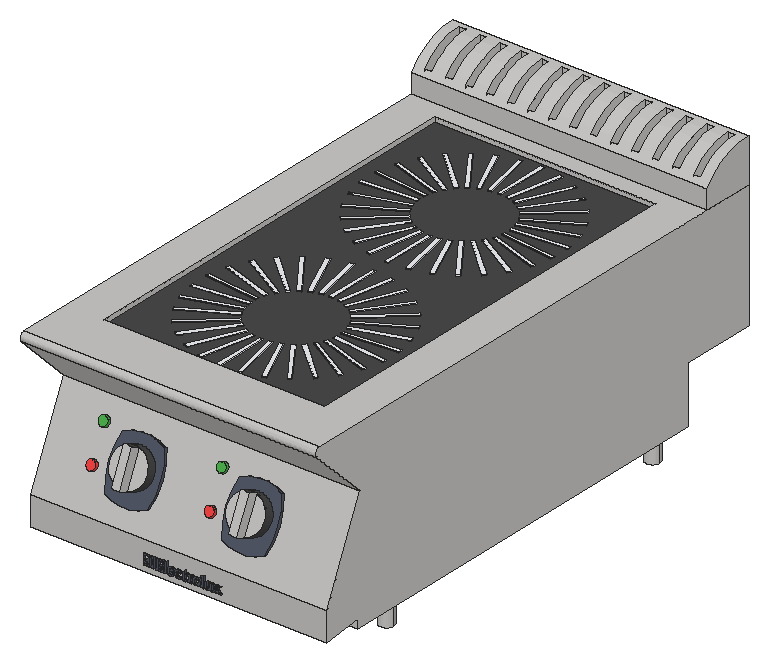
Revit family "QF_ELECTROLUXPROFESSIONAL_371020_E7INED2000", category Specialty Equipment, Revit 2018 (continued)
Lines and regions (mm)
  symbolic lines
    curve 242: line (315.455, -451.829, 266.887) -> (312.955, -447.499, 266.887)
    curve 243: line (296.465, -425.488, 266.887) -> (241.922, -474.6, 266.887)
    curve 244: line (241.922, -474.6, 266.887) -> (245.267, -478.316, 266.887)
    curve 245: line (245.267, -478.316, 266.887) -> (299.811, -429.204, 266.887)
    curve 246: line (299.811, -429.204, 266.887) -> (296.465, -425.488, 266.887)
    curve 247: line (275.76, -407.387, 266.887) -> (232.619, -466.765, 266.887)
    curve 248: line (232.619, -466.765, 266.887) -> (236.664, -469.704, 266.887)
    curve 249: line (236.664, -469.704, 266.887) -> (279.805, -410.326, 266.887)
    curve 250: line (279.805, -410.326, 266.887) -> (275.76, -407.387, 266.887)
    curve 251: line (251.743, -393.986, 266.887) -> (221.891, -461.036, 266.887)
    curve 252: line (221.891, -461.036, 266.887) -> (226.458, -463.07, 266.887)
    curve 253: line (226.458, -463.07, 266.887) -> (256.311, -396.019, 266.887)
    curve 254: line (256.311, -396.019, 266.887) -> (251.743, -393.986, 266.887)
    curve 255: line (225.465, -385.871, 266.887) -> (210.206, -457.663, 266.887)
    curve 256: line (210.206, -457.663, 266.887) -> (215.096, -458.702, 266.887)
    curve 257: line (215.096, -458.702, 266.887) -> (230.356, -386.91, 266.887)
    curve 258: line (230.356, -386.91, 266.887) -> (225.465, -385.871, 266.887)
    curve 259: line (198.074, -383.397, 266.887) -> (198.074, -456.792, 266.887)
    curve 260: line (198.074, -456.792, 266.887) -> (203.074, -456.792, 266.887)
    curve 261: line (203.074, -456.792, 266.887) -> (203.074, -383.397, 266.887)
    curve 262: line (203.074, -383.397, 266.887) -> (198.074, -383.397, 266.887)
    curve 263: line (170.768, -386.671, 266.887) -> (186.028, -458.463, 266.887)
    curve 264: line (186.028, -458.463, 266.887) -> (190.918, -457.424, 266.887)
    curve 265: line (190.918, -457.424, 266.887) -> (175.658, -385.632, 266.887)
    curve 266: line (175.658, -385.632, 266.887) -> (170.768, -386.671, 266.887)
    curve 267: line (144.738, -395.552, 266.887) -> (174.591, -462.602, 266.887)
    curve 268: line (174.591, -462.602, 266.887) -> (179.159, -460.569, 266.887)
    curve 269: line (179.159, -460.569, 266.887) -> (149.306, -393.518, 266.887)
    curve 270: line (149.306, -393.518, 266.887) -> (144.738, -395.552, 266.887)
    curve 271: line (121.124, -409.65, 266.887) -> (164.265, -469.029, 266.887)
    curve 272: line (164.265, -469.029, 266.887) -> (168.311, -466.09, 266.887)
    curve 273: line (168.311, -466.09, 266.887) -> (125.17, -406.711, 266.887)
    curve 274: line (125.17, -406.711, 266.887) -> (121.124, -409.65, 266.887)
    curve 275: line (100.958, -428.35, 266.887) -> (155.501, -477.462, 266.887)
    curve 276: line (155.501, -477.462, 266.887) -> (158.847, -473.746, 266.887)
    curve 277: line (158.847, -473.746, 266.887) -> (104.303, -424.635, 266.887)
    curve 278: line (104.303, -424.635, 266.887) -> (100.958, -428.35, 266.887)
    curve 279: line (85.12, -450.834, 266.887) -> (148.682, -487.532, 266.887)
    curve 280: line (148.682, -487.532, 266.887) -> (151.182, -483.202, 266.887)
    curve 281: line (151.182, -483.202, 266.887) -> (87.62, -446.504, 266.887)
    curve 282: line (87.62, -446.504, 266.887) -> (85.12, -450.834, 266.887)
    curve 283: line (74.302, -476.12, 266.887) -> (144.106, -498.801, 266.887)
    curve 284: line (144.106, -498.801, 266.887) -> (145.651, -494.046, 266.887)
    curve 285: line (145.651, -494.046, 266.887) -> (75.847, -471.365, 266.887)
    curve 286: line (75.847, -471.365, 266.887) -> (74.302, -476.12, 266.887)
    curve 287: line (68.979, -503.103, 266.887) -> (141.972, -510.775, 266.887)
    curve 288: line (141.972, -510.775, 266.887) -> (142.495, -505.802, 266.887)
    curve 289: line (142.495, -505.802, 266.887) -> (69.501, -498.13, 266.887)
    curve 290: line (69.501, -498.13, 266.887) -> (68.979, -503.103, 266.887)
    curve 291: line (69.381, -530.602, 266.887) -> (142.375, -522.93, 266.887)
    curve 292: line (142.375, -522.93, 266.887) -> (141.852, -517.958, 266.887)
    curve 293: line (141.852, -517.958, 266.887) -> (68.858, -525.629, 266.887)
    curve 294: line (68.858, -525.629, 266.887) -> (69.381, -530.602, 266.887)
    curve 295: line (75.492, -557.417, 266.887) -> (145.296, -534.736, 266.887)
    curve 296: line (145.296, -534.736, 266.887) -> (143.751, -529.981, 266.887)
    curve 297: line (143.751, -529.981, 266.887) -> (73.947, -552.662, 266.887)
    curve 298: line (73.947, -552.662, 266.887) -> (75.492, -557.417, 266.887)
    curve 299: line (87.045, -582.375, 266.887) -> (150.608, -545.677, 266.887)
    curve 300: line (150.608, -545.677, 266.887) -> (148.108, -541.347, 266.887)
    curve 301: line (148.108, -541.347, 266.887) -> (84.545, -578.045, 266.887)
    curve 302: line (84.545, -578.045, 266.887) -> (87.045, -582.375, 266.887)
    curve 303: line (103.535, -604.386, 266.887) -> (158.078, -555.275, 266.887)
    curve 304: line (158.078, -555.275, 266.887) -> (154.733, -551.559, 266.887)
    curve 305: line (154.733, -551.559, 266.887) -> (100.189, -600.671, 266.887)
    curve 306: line (100.189, -600.671, 266.887) -> (103.535, -604.386, 266.887)
    curve 307: line (124.24, -622.488, 266.887) -> (167.381, -563.109, 266.887)
    curve 308: line (167.381, -563.109, 266.887) -> (163.336, -560.17, 266.887)
    curve 309: line (163.336, -560.17, 266.887) -> (120.195, -619.549, 266.887)
    curve 310: line (120.195, -619.549, 266.887) -> (124.24, -622.488, 266.887)
    curve 311: line (148.257, -635.889, 266.887) -> (178.109, -568.839, 266.887)
    curve 312: line (178.109, -568.839, 266.887) -> (173.542, -566.805, 266.887)
    curve 313: line (173.542, -566.805, 266.887) -> (143.689, -633.855, 266.887)
    curve 314: line (143.689, -633.855, 266.887) -> (148.257, -635.889, 266.887)
Dimensions and locks
  equal spacing: plane 3 "LEFT", plane 7 "Center Y", plane 4 "RIGHT"
  "Width": plane 3 "LEFT" to plane 4 "RIGHT"
  equal spacing: plane 5 "FRONT", plane 8 "Center X", plane 1 "BACK"
  "Depth": plane 5 "FRONT" to plane 1 "BACK"
  "Height": plane 6 "TOP" to level
  "Base Height": plane 9 "BASE" to level
  plane 1 "BACK" to plane 5 "FRONT" = 730 mm
  plane 10 "TOP A" to plane 9 "BASE" = 249.237 mm
  aligned and locked: level to plane 2
  aligned and locked: plane 4 "RIGHT" to Extrusion 1
  aligned and locked: plane 4 "RIGHT" to Extrusion 2
  aligned and locked: plane 9 "BASE" to Extrusion 18
  aligned and locked: plane 6 "TOP" to Extrusion 25
Automatic sketch dimensions
  Extrusion 27 sketch curve to Extrusion 27 sketch curve = 5 mm
  Extrusion 27 sketch curve to Extrusion 27 sketch curve = 73.396 mm
  Extrusion 28 sketch curve to Extrusion 28 sketch curve = 5 mm
  Extrusion 28 sketch curve to Extrusion 28 sketch curve = 73.396 mm
  Extrusion 29 sketch curve to Extrusion 29 sketch curve = 5 mm
  Extrusion 29 sketch curve to Extrusion 29 sketch curve = 73.396 mm
  Extrusion 30 sketch curve to Extrusion 30 sketch curve = 5 mm
  Extrusion 30 sketch curve to Extrusion 30 sketch curve = 73.396 mm
  Extrusion 31 sketch curve to Extrusion 31 sketch curve = 5 mm
  Extrusion 31 sketch curve to Extrusion 31 sketch curve = 73.396 mm
  Extrusion 32 sketch curve to Extrusion 32 sketch curve = 5 mm
  Extrusion 32 sketch curve to Extrusion 32 sketch curve = 73.396 mm
  Extrusion 33 sketch curve to Extrusion 33 sketch curve = 5 mm
  Extrusion 33 sketch curve to Extrusion 33 sketch curve = 73.396 mm
  Extrusion 34 sketch curve to Extrusion 34 sketch curve = 5 mm
  Extrusion 34 sketch curve to Extrusion 34 sketch curve = 73.396 mm
  Extrusion 35 sketch curve to Extrusion 35 sketch curve = 5 mm
  Extrusion 35 sketch curve to Extrusion 35 sketch curve = 73.396 mm
  Extrusion 36 sketch curve to Extrusion 36 sketch curve = 5 mm
  Extrusion 36 sketch curve to Extrusion 36 sketch curve = 73.396 mm
  Extrusion 37 sketch curve to Extrusion 37 sketch curve = 5 mm
  Extrusion 37 sketch curve to Extrusion 37 sketch curve = 73.396 mm
  Extrusion 38 sketch curve to Extrusion 38 sketch curve = 5 mm
  Extrusion 38 sketch curve to Extrusion 38 sketch curve = 73.396 mm
  Extrusion 39 sketch curve to Extrusion 39 sketch curve = 5 mm
  Extrusion 39 sketch curve to Extrusion 39 sketch curve = 73.396 mm
  Extrusion 40 sketch curve to Extrusion 40 sketch curve = 5 mm
  Extrusion 40 sketch curve to Extrusion 40 sketch curve = 73.396 mm
  Extrusion 41 sketch curve to Extrusion 41 sketch curve = 5 mm
  Extrusion 41 sketch curve to Extrusion 41 sketch curve = 73.396 mm
  Extrusion 42 sketch curve to Extrusion 42 sketch curve = 5 mm
  Extrusion 42 sketch curve to Extrusion 42 sketch curve = 73.396 mm
  Extrusion 43 sketch curve to Extrusion 43 sketch curve = 5 mm
  Extrusion 43 sketch curve to Extrusion 43 sketch curve = 73.396 mm
  Extrusion 44 sketch curve to Extrusion 44 sketch curve = 5 mm
  Extrusion 44 sketch curve to Extrusion 44 sketch curve = 73.396 mm
  Extrusion 45 sketch curve to Extrusion 45 sketch curve = 5 mm
  Extrusion 45 sketch curve to Extrusion 45 sketch curve = 73.396 mm
  Extrusion 46 sketch curve to Extrusion 46 sketch curve = 5 mm
  Extrusion 46 sketch curve to Extrusion 46 sketch curve = 73.396 mm
  Extrusion 47 sketch curve to Extrusion 47 sketch curve = 5 mm
  Extrusion 47 sketch curve to Extrusion 47 sketch curve = 73.396 mm
  Extrusion 48 sketch curve to Extrusion 48 sketch curve = 5 mm
  Extrusion 48 sketch curve to Extrusion 48 sketch curve = 73.396 mm
  Extrusion 49 sketch curve to Extrusion 49 sketch curve = 5 mm
  Extrusion 49 sketch curve to Extrusion 49 sketch curve = 73.396 mm
  Extrusion 50 sketch curve to Extrusion 50 sketch curve = 5 mm
  Extrusion 50 sketch curve to Extrusion 50 sketch curve = 73.396 mm
  Extrusion 51 sketch curve to Extrusion 51 sketch curve = 5 mm
  Extrusion 51 sketch curve to Extrusion 51 sketch curve = 73.396 mm
  Extrusion 52 sketch curve to Extrusion 52 sketch curve = 5 mm
  Extrusion 52 sketch curve to Extrusion 52 sketch curve = 73.396 mm
  Extrusion 53 sketch curve to Extrusion 53 sketch curve = 5 mm
  Extrusion 53 sketch curve to Extrusion 53 sketch curve = 73.396 mm
  Extrusion 54 sketch curve to Extrusion 54 sketch curve = 5 mm
  Extrusion 54 sketch curve to Extrusion 54 sketch curve = 73.396 mm
  Extrusion 55 sketch curve to Extrusion 55 sketch curve = 5 mm
  Extrusion 55 sketch curve to Extrusion 55 sketch curve = 73.396 mm
  Extrusion 56 sketch curve to Extrusion 56 sketch curve = 5 mm
  Extrusion 56 sketch curve to Extrusion 56 sketch curve = 73.396 mm
  Extrusion 57 sketch curve to Extrusion 57 sketch curve = 5 mm
  Extrusion 57 sketch curve to Extrusion 57 sketch curve = 73.396 mm
  Extrusion 58 sketch curve to Extrusion 58 sketch curve = 5 mm
  Extrusion 58 sketch curve to Extrusion 58 sketch curve = 73.396 mm
  Extrusion 59 sketch curve to Extrusion 59 sketch curve = 5 mm
  Extrusion 59 sketch curve to Extrusion 59 sketch curve = 73.396 mm
  Extrusion 60 sketch curve to Extrusion 60 sketch curve = 5 mm
  Extrusion 60 sketch curve to Extrusion 60 sketch curve = 73.396 mm
  Extrusion 61 sketch curve to Extrusion 61 sketch curve = 5 mm
  Extrusion 61 sketch curve to Extrusion 61 sketch curve = 73.396 mm
  Extrusion 62 sketch curve to Extrusion 62 sketch curve = 5 mm
  Extrusion 62 sketch curve to Extrusion 62 sketch curve = 73.396 mm
  Extrusion 63 sketch curve to Extrusion 63 sketch curve = 5 mm
  Extrusion 63 sketch curve to Extrusion 63 sketch curve = 73.396 mm
  Extrusion 64 sketch curve to Extrusion 64 sketch curve = 5 mm
  Extrusion 64 sketch curve to Extrusion 64 sketch curve = 73.396 mm
  Extrusion 65 sketch curve to Extrusion 65 sketch curve = 5 mm
  Extrusion 65 sketch curve to Extrusion 65 sketch curve = 73.396 mm
  Extrusion 66 sketch curve to Extrusion 66 sketch curve = 5 mm
  Extrusion 66 sketch curve to Extrusion 66 sketch curve = 73.396 mm
  Extrusion 67 sketch curve to Extrusion 67 sketch curve = 5 mm
  Extrusion 67 sketch curve to Extrusion 67 sketch curve = 73.396 mm
  Extrusion 68 sketch curve to Extrusion 68 sketch curve = 5 mm
  Extrusion 68 sketch curve to Extrusion 68 sketch curve = 73.396 mm
  Extrusion 69 sketch curve to Extrusion 69 sketch curve = 5 mm
  Extrusion 69 sketch curve to Extrusion 69 sketch curve = 73.396 mm
  Extrusion 70 sketch curve to Extrusion 70 sketch curve = 5 mm
  Extrusion 70 sketch curve to Extrusion 70 sketch curve = 73.396 mm
  Extrusion 71 sketch curve to Extrusion 71 sketch curve = 5 mm
  Extrusion 71 sketch curve to Extrusion 71 sketch curve = 73.396 mm
  Extrusion 72 sketch curve to Extrusion 72 sketch curve = 5 mm
  Extrusion 72 sketch curve to Extrusion 72 sketch curve = 73.396 mm
  Extrusion 73 sketch curve to Extrusion 73 sketch curve = 5 mm
  Extrusion 73 sketch curve to Extrusion 73 sketch curve = 73.396 mm
  Extrusion 74 sketch curve to Extrusion 74 sketch curve = 5 mm
  Extrusion 74 sketch curve to Extrusion 74 sketch curve = 73.396 mm
  Extrusion 75 sketch curve to Extrusion 75 sketch curve = 5 mm
  Extrusion 75 sketch curve to Extrusion 75 sketch curve = 73.396 mm
  Extrusion 76 sketch curve to Extrusion 76 sketch curve = 5 mm
  Extrusion 76 sketch curve to Extrusion 76 sketch curve = 73.396 mm
  Extrusion 77 sketch curve to Extrusion 77 sketch curve = 5 mm
  Extrusion 77 sketch curve to Extrusion 77 sketch curve = 73.396 mm
  Extrusion 78 sketch curve to Extrusion 78 sketch curve = 5 mm
  Extrusion 78 sketch curve to Extrusion 78 sketch curve = 73.396 mm
  Extrusion 79 sketch curve to Extrusion 79 sketch curve = 5 mm
  Extrusion 79 sketch curve to Extrusion 79 sketch curve = 73.396 mm
  Extrusion 80 sketch curve to Extrusion 80 sketch curve = 5 mm
  Extrusion 80 sketch curve to Extrusion 80 sketch curve = 73.396 mm
  Extrusion 81 sketch curve to Extrusion 81 sketch curve = 5 mm
  Extrusion 81 sketch curve to Extrusion 81 sketch curve = 73.396 mm
  Extrusion 82 sketch curve to Extrusion 82 sketch curve = 5 mm
  Extrusion 82 sketch curve to Extrusion 82 sketch curve = 73.396 mm
  Extrusion 83 sketch curve to Extrusion 83 sketch curve = 5 mm
  Extrusion 83 sketch curve to Extrusion 83 sketch curve = 73.396 mm
  Extrusion 84 sketch curve to Extrusion 84 sketch curve = 5 mm
  Extrusion 84 sketch curve to Extrusion 84 sketch curve = 73.396 mm
  Extrusion 85 sketch curve to Extrusion 85 sketch curve = 5 mm
  Extrusion 85 sketch curve to Extrusion 85 sketch curve = 73.396 mm
  Extrusion 86 sketch curve to Extrusion 86 sketch curve = 5 mm
  Extrusion 86 sketch curve to Extrusion 86 sketch curve = 73.396 mm
  Extrusion 1 sketch curve to plane 10 "TOP A" = 0 mm
  Extrusion 1 sketch curve to plane 9 "BASE" = 0 mm
  Extrusion 1 sketch curve to plane 1 "BACK" = 0 mm
  Extrusion 1 sketch curve to plane 12 = 46.038 mm
  plane 11 to Extrusion 1 sketch curve = 59.531 mm
  plane 9 "BASE" to Extrusion 1 sketch curve = 12.7 mm
  plane 11 to Extrusion 1 sketch curve = 62.516 mm
  Extrusion 1 sketch curve to plane 5 "FRONT" = 16.478 mm
  Extrusion 1 sketch curve to plane 5 "FRONT" = 4.973 mm
  Extrusion 1 sketch curve to plane 5 "FRONT" = 0.483 mm
  plane 9 "BASE" to Extrusion 1 sketch curve = 7.09 mm
  Extrusion 1 sketch curve to Extrusion 1 sketch curve = 38.1 mm
  plane 9 "BASE" to Extrusion 1 sketch curve = 77.788 mm
  Extrusion 1 sketch curve to plane 10 "TOP A" = 83.191 mm
  Extrusion 1 sketch curve to plane 10 "TOP A" = 10.84 mm
  Extrusion 2 sketch curve to plane 10 "TOP A" = 0 mm
  Extrusion 2 sketch curve to plane 1 "BACK" = 0 mm
  Extrusion 2 sketch curve to plane 6 "TOP" = 0 mm
  plane 1 "BACK" to Extrusion 2 sketch curve = 1.769 mm
  plane 10 "TOP A" to Extrusion 2 sketch curve = 25.4 mm
  plane 1 "BACK" to Extrusion 2 sketch curve = 69.85 mm
  Extrusion 3 sketch curve to plane 4 "RIGHT" = 50 mm
  plane 3 "LEFT" to Extrusion 3 sketch curve = 50 mm
  Extrusion 3 sketch curve to plane 12 = 54.376 mm
  plane 11 to Extrusion 3 sketch curve = 55.377 mm
  plane 1 "BACK" to Extrusion 4 sketch curve = 6.761 mm
  plane 3 "LEFT" to Extrusion 4 sketch curve = 22.749 mm
  Extrusion 4 sketch curve to Extrusion 4 sketch curve = 9.296 mm
  Extrusion 4 sketch curve to Extrusion 4 sketch curve = 57.15 mm
  Extrusion 5 sketch curve to plane 1 "BACK" = 6.761 mm
  plane 4 "RIGHT" to Extrusion 5 sketch curve = 22.749 mm
  Extrusion 5 sketch curve to Extrusion 5 sketch curve = 9.296 mm
  Extrusion 5 sketch curve to Extrusion 5 sketch curve = 57.15 mm
  plane 1 "BACK" to Extrusion 6 sketch curve = 6.761 mm
  plane 3 "LEFT" to Extrusion 6 sketch curve = 50.737 mm
  Extrusion 6 sketch curve to Extrusion 6 sketch curve = 9.296 mm
  Extrusion 6 sketch curve to Extrusion 6 sketch curve = 57.15 mm
  plane 1 "BACK" to Extrusion 7 sketch curve = 6.761 mm
  plane 3 "LEFT" to Extrusion 7 sketch curve = 78.725 mm
  Extrusion 7 sketch curve to Extrusion 7 sketch curve = 9.296 mm
  Extrusion 7 sketch curve to Extrusion 7 sketch curve = 57.15 mm
  plane 1 "BACK" to Extrusion 8 sketch curve = 6.761 mm
  Extrusion 8 sketch curve to plane 7 "Center Y" = 93.311 mm
  Extrusion 8 sketch curve to Extrusion 8 sketch curve = 9.296 mm
  Extrusion 8 sketch curve to Extrusion 8 sketch curve = 57.15 mm
  plane 1 "BACK" to Extrusion 9 sketch curve = 6.761 mm
  Extrusion 9 sketch curve to plane 7 "Center Y" = 65.323 mm
  Extrusion 9 sketch curve to Extrusion 9 sketch curve = 9.296 mm
  Extrusion 9 sketch curve to Extrusion 9 sketch curve = 57.15 mm
  plane 1 "BACK" to Extrusion 10 sketch curve = 6.761 mm
  Extrusion 10 sketch curve to plane 7 "Center Y" = 37.335 mm
  Extrusion 10 sketch curve to Extrusion 10 sketch curve = 9.296 mm
  Extrusion 10 sketch curve to Extrusion 10 sketch curve = 57.15 mm
  Extrusion 11 sketch curve to plane 7 "Center Y" = 9.346 mm
  Extrusion 11 sketch curve to Extrusion 11 sketch curve = 9.296 mm
  plane 1 "BACK" to Extrusion 11 sketch curve = 6.761 mm
  Extrusion 11 sketch curve to Extrusion 11 sketch curve = 57.15 mm
  plane 1 "BACK" to Extrusion 12 sketch curve = 6.761 mm
  plane 7 "Center Y" to Extrusion 12 sketch curve = 18.642 mm
  Extrusion 12 sketch curve to Extrusion 12 sketch curve = 9.296 mm
  Extrusion 12 sketch curve to Extrusion 12 sketch curve = 57.15 mm
  plane 1 "BACK" to Extrusion 13 sketch curve = 6.761 mm
  plane 7 "Center Y" to Extrusion 13 sketch curve = 46.63 mm
  Extrusion 13 sketch curve to Extrusion 13 sketch curve = 9.296 mm
  Extrusion 13 sketch curve to Extrusion 13 sketch curve = 57.15 mm
  plane 1 "BACK" to Extrusion 14 sketch curve = 6.761 mm
  plane 7 "Center Y" to Extrusion 14 sketch curve = 74.619 mm
  Extrusion 14 sketch curve to Extrusion 14 sketch curve = 9.296 mm
  Extrusion 14 sketch curve to Extrusion 14 sketch curve = 57.15 mm
  plane 1 "BACK" to Extrusion 15 sketch curve = 6.761 mm
  Extrusion 15 sketch curve to plane 4 "RIGHT" = 97.418 mm
  Extrusion 15 sketch curve to Extrusion 15 sketch curve = 9.296 mm
  Extrusion 15 sketch curve to Extrusion 15 sketch curve = 57.15 mm
  plane 1 "BACK" to Extrusion 16 sketch curve = 6.761 mm
  Extrusion 16 sketch curve to plane 4 "RIGHT" = 69.43 mm
  Extrusion 16 sketch curve to Extrusion 16 sketch curve = 9.296 mm
  Extrusion 16 sketch curve to Extrusion 16 sketch curve = 57.15 mm
  plane 1 "BACK" to Extrusion 17 sketch curve = 6.761 mm
  Extrusion 17 sketch curve to plane 4 "RIGHT" = 41.441 mm
  Extrusion 17 sketch curve to Extrusion 17 sketch curve = 9.296 mm
  Extrusion 17 sketch curve to Extrusion 17 sketch curve = 57.15 mm
  plane 11 to Extrusion 18 sketch curve = 0 mm  (x2)
  plane 12 to Extrusion 18 sketch curve = 0 mm  (x2)
  plane 3 "LEFT" to Extrusion 18 sketch curve = 11.112 mm  (x2)
  Extrusion 18 sketch curve to plane 4 "RIGHT" = 11.113 mm  (x2)
  Extrusion 19 sketch curve to Extrusion 1 = 31.333 mm  (x2)
  Extrusion 19 sketch curve to Extrusion 19 sketch curve = 12.3 mm  (x3)
  Extrusion 19 sketch curve to Extrusion 19 sketch curve = 34.925 mm  (x2)
  Extrusion 1 to Extrusion 19 sketch curve = 44.467 mm
  Extrusion 1 to Extrusion 19 sketch curve = 175.117 mm
  Extrusion 19 sketch curve to Extrusion 19 sketch curve = 25.727 mm
  Extrusion 19 sketch curve to Extrusion 19 sketch curve = 25.771 mm
  Extrusion 19 sketch curve to Extrusion 19 sketch curve = 28.531 mm
  Extrusion 21 sketch curve to Extrusion 21 sketch curve = 24.732 mm
  Extrusion 21 sketch curve to Extrusion 21 sketch curve = 0 mm
  Extrusion 1 to Extrusion 22 sketch curve = 29.678 mm
  Extrusion 1 to Extrusion 22 sketch curve = 65.648 mm
  Extrusion 23 sketch curve to Extrusion 1 = 54.522 mm
  Extrusion 1 to Extrusion 23 sketch curve = 65.648 mm
  Extrusion 1 to Extrusion 24 sketch curve = 33.906 mm
  Extrusion 1 to Extrusion 24 sketch curve = 63.5 mm
  plane 1 "BACK" to Extrusion 25 sketch curve = 0 mm
  Extrusion 25 sketch curve to plane 3 "LEFT" = 0 mm
  Extrusion 25 sketch curve to plane 4 "RIGHT" = 0 mm
  Extrusion 25 sketch curve to plane 3 "LEFT" = 150.019 mm
  plane 5 "FRONT" to Extrusion 25 sketch curve = 1.377 mm  (x2)
  plane 4 "RIGHT" to Extrusion 25 sketch curve = 150.019 mm
  Extrusion 25 sketch curve to plane 1 "BACK" = 150.019 mm
  curve 65 to plane 4 "RIGHT" = 0 mm
  curve 5 to plane 3 "LEFT" = 0 mm
  curve 63 to plane 3 "LEFT" = 0 mm
  plane 1 "BACK" to curve 5 = 0 mm
  plane 5 "FRONT" to curve 6 = 0 mm
  plane 4 "RIGHT" to curve 3 = 150.019 mm
  curve 12 to plane 4 "RIGHT" = 13.453 mm
  curve 11 to curve 14 = 9.296 mm
  curve 12 to curve 59 = 18.693 mm
  curve 59 to curve 62 = 9.296 mm
  curve 60 to curve 55 = 18.693 mm
  curve 55 to curve 56 = 9.296 mm
  plane 1 "BACK" to curve 51 = 6.761 mm
  curve 57 to curve 51 = 18.693 mm
  curve 51 to curve 52 = 9.296 mm
  curve 52 to curve 47 = 18.693 mm
  curve 47 to curve 48 = 9.296 mm
  plane 1 "BACK" to curve 43 = 6.761 mm
  curve 49 to curve 43 = 18.693 mm
  curve 43 to curve 44 = 9.296 mm
  plane 7 "Center Y" to curve 39 = 18.642 mm
  curve 39 to curve 40 = 9.296 mm
  curve 36 to plane 7 "Center Y" = 9.346 mm
  curve 35 to curve 38 = 9.296 mm
  curve 36 to curve 32 = 18.693 mm
  curve 31 to curve 32 = 9.296 mm
  plane 1 "BACK" to curve 30 = 6.761 mm
  curve 33 to curve 30 = 18.693 mm
  curve 27 to curve 28 = 9.296 mm
  plane 1 "BACK" to curve 23 = 6.761 mm
  curve 29 to curve 23 = 18.693 mm
  curve 23 to curve 24 = 9.296 mm
  curve 24 to curve 20 = 18.693 mm
  curve 19 to curve 20 = 9.296 mm
  curve 20 to curve 15 = 18.693 mm
  curve 15 to curve 16 = 9.296 mm
  curve 16 to curve 63 = 9.691 mm
  plane 1 "BACK" to curve 10 = 6.761 mm
  curve 17 to curve 10 = 18.693 mm
  curve 7 to curve 9 = 9.296 mm
  plane 5 "FRONT" to curve 1 = 1.377 mm
  curve 1 to plane 3 "LEFT" = 150.019 mm
  curve 2 to plane 1 "BACK" = 150.019 mm
  plane 1 "BACK" to curve 61 = 6.761 mm
  plane 1 "BACK" to curve 58 = 6.761 mm
  plane 1 "BACK" to curve 11 = 6.761 mm
  plane 1 "BACK" to curve 15 = 6.761 mm
  plane 1 "BACK" to curve 50 = 6.761 mm
  plane 1 "BACK" to curve 19 = 6.761 mm
  plane 1 "BACK" to curve 42 = 6.761 mm
  plane 1 "BACK" to curve 38 = 6.761 mm
  plane 1 "BACK" to curve 31 = 6.761 mm
  curve 33 to curve 33 = 57.15 mm
  curve 29 to curve 32 = 0 mm
  curve 31 to curve 35 = 0 mm
  curve 25 to curve 28 = 0 mm
  curve 35 to curve 39 = 0 mm
  curve 21 to curve 24 = 0 mm
  curve 39 to curve 43 = 0 mm
  curve 17 to curve 20 = 0 mm
  curve 43 to curve 47 = 0 mm
  curve 13 to curve 13 = 57.15 mm
  curve 47 to curve 51 = 0 mm
  curve 9 to curve 16 = 0 mm
  curve 51 to curve 55 = 0 mm
  curve 55 to curve 61 = 0 mm
  curve 8 to curve 64 = 5.939 mm
  curve 11 to curve 65 = 5.939 mm
  curve 64 to plane 12 = 26.988 mm
  plane 5 "FRONT" to curve 3 = 1.377 mm
  Extrusion 26 sketch curve to plane 7 "Center Y" = 0 mm
  plane 9 "BASE" to Extrusion 26 sketch curve = 10.651 mm
  plane 9 "BASE" to Extrusion 26 sketch curve = 15.692 mm
  plane 9 "BASE" to Extrusion 26 sketch curve = 15.711 mm
  Extrusion 26 sketch curve to Extrusion 26 sketch curve = 0 mm  (x28)
  Extrusion 26 sketch curve to Extrusion 26 sketch curve = 5.108 mm  (x2)
  Extrusion 26 sketch curve to Extrusion 26 sketch curve = 0.054 mm
  Extrusion 26 sketch curve to Extrusion 26 sketch curve = 0.218 mm
  Extrusion 26 sketch curve to Extrusion 26 sketch curve = 0.195 mm
  Extrusion 26 sketch curve to Extrusion 26 sketch curve = 0.249 mm
  plane 9 "BASE" to Extrusion 26 sketch curve = 16.008 mm
  Extrusion 26 sketch curve to Extrusion 26 sketch curve = 0.087 mm
  Extrusion 26 sketch curve to Extrusion 26 sketch curve = 0.358 mm
  Extrusion 26 sketch curve to Extrusion 26 sketch curve = 0.481 mm
  Extrusion 26 sketch curve to Extrusion 26 sketch curve = 0.597 mm
  Extrusion 26 sketch curve to Extrusion 26 sketch curve = 0.544 mm
  Extrusion 26 sketch curve to Extrusion 26 sketch curve = 0.936 mm
  Extrusion 26 sketch curve to Extrusion 26 sketch curve = 0.594 mm
  Extrusion 26 sketch curve to Extrusion 26 sketch curve = 0.343 mm
  Extrusion 26 sketch curve to Extrusion 26 sketch curve = 0.159 mm
  Extrusion 26 sketch curve to Extrusion 26 sketch curve = 0.826 mm
  Extrusion 26 sketch curve to Extrusion 26 sketch curve = 0.839 mm
  Extrusion 26 sketch curve to Extrusion 26 sketch curve = 0.852 mm
  Extrusion 26 sketch curve to Extrusion 26 sketch curve = 0.887 mm
  Extrusion 26 sketch curve to Extrusion 26 sketch curve = 0.928 mm
  Extrusion 26 sketch curve to Extrusion 26 sketch curve = 0.938 mm
  Extrusion 26 sketch curve to Extrusion 26 sketch curve = 0.444 mm
  Extrusion 26 sketch curve to Extrusion 26 sketch curve = 1.11 mm  (x3)
  Extrusion 26 sketch curve to Extrusion 26 sketch curve = 0.215 mm
  Extrusion 26 sketch curve to Extrusion 26 sketch curve = 1.43 mm
  Extrusion 26 sketch curve to Extrusion 26 sketch curve = 1.188 mm
  Extrusion 26 sketch curve to Extrusion 26 sketch curve = 1.21 mm  (x2)
  Extrusion 26 sketch curve to Extrusion 26 sketch curve = 0.503 mm
  Extrusion 26 sketch curve to Extrusion 26 sketch curve = 0.488 mm
  Extrusion 26 sketch curve to Extrusion 26 sketch curve = 0.462 mm
  Extrusion 26 sketch curve to Extrusion 26 sketch curve = 1.386 mm
  Extrusion 26 sketch curve to Extrusion 26 sketch curve = 1.742 mm  (x2)
  Extrusion 26 sketch curve to Extrusion 26 sketch curve = 0.821 mm
  Extrusion 26 sketch curve to Extrusion 26 sketch curve = 0.497 mm
  Extrusion 26 sketch curve to Extrusion 26 sketch curve = 0.539 mm
  Extrusion 26 sketch curve to Extrusion 26 sketch curve = 0.686 mm
  Extrusion 26 sketch curve to Extrusion 26 sketch curve = 0.408 mm
  Extrusion 26 sketch curve to Extrusion 26 sketch curve = 0.528 mm
  Extrusion 26 sketch curve to Extrusion 26 sketch curve = 1.16 mm
  Extrusion 26 sketch curve to Extrusion 26 sketch curve = 0.329 mm
  Extrusion 26 sketch curve to Extrusion 26 sketch curve = 1.054 mm
  Extrusion 26 sketch curve to Extrusion 26 sketch curve = 1.056 mm
  Extrusion 26 sketch curve to Extrusion 26 sketch curve = 0.129 mm
  Extrusion 26 sketch curve to Extrusion 26 sketch curve = 0.489 mm
  Extrusion 26 sketch curve to Extrusion 26 sketch curve = 0.441 mm
  Extrusion 26 sketch curve to Extrusion 26 sketch curve = 1.151 mm
  Extrusion 26 sketch curve to Extrusion 26 sketch curve = 1.141 mm  (x2)
  Extrusion 26 sketch curve to Extrusion 26 sketch curve = 0.768 mm
  Extrusion 26 sketch curve to Extrusion 26 sketch curve = 1.653 mm
  Extrusion 26 sketch curve to Extrusion 26 sketch curve = 0.499 mm
  Extrusion 26 sketch curve to Extrusion 26 sketch curve = 0.964 mm
  Extrusion 26 sketch curve to Extrusion 26 sketch curve = 0.949 mm
  Extrusion 26 sketch curve to Extrusion 26 sketch curve = 1.345 mm  (x2)
  Extrusion 26 sketch curve to Extrusion 26 sketch curve = 1.101 mm
  Extrusion 26 sketch curve to Extrusion 26 sketch curve = 0.432 mm
  Extrusion 26 sketch curve to Extrusion 26 sketch curve = 1.142 mm
  Extrusion 26 sketch curve to Extrusion 26 sketch curve = 0.959 mm
  Extrusion 26 sketch curve to Extrusion 26 sketch curve = 0.176 mm
  Extrusion 26 sketch curve to Extrusion 26 sketch curve = 0.728 mm
  Extrusion 26 sketch curve to Extrusion 26 sketch curve = 3.375 mm  (x2)
  Extrusion 26 sketch curve to Extrusion 26 sketch curve = 0.541 mm
  Extrusion 26 sketch curve to Extrusion 26 sketch curve = 0.955 mm
  Extrusion 26 sketch curve to Extrusion 26 sketch curve = 1.251 mm
  Extrusion 26 sketch curve to Extrusion 26 sketch curve = 0.572 mm
  Extrusion 26 sketch curve to Extrusion 26 sketch curve = 1.92 mm
  Extrusion 26 sketch curve to Extrusion 26 sketch curve = 1.224 mm
  Extrusion 26 sketch curve to Extrusion 26 sketch curve = 0.745 mm
  plane 7 "Center Y" to Extrusion 26 sketch curve = 0.572 mm
  Extrusion 26 sketch curve to Extrusion 26 sketch curve = 2.537 mm
  Extrusion 26 sketch curve to Extrusion 26 sketch curve = 0.896 mm  (x3)
  Extrusion 26 sketch curve to Extrusion 26 sketch curve = 0.036 mm
  Extrusion 26 sketch curve to Extrusion 26 sketch curve = 2.607 mm
  Extrusion 26 sketch curve to Extrusion 26 sketch curve = 0.066 mm
  Extrusion 26 sketch curve to Extrusion 26 sketch curve = 0.248 mm
  Extrusion 26 sketch curve to Extrusion 26 sketch curve = 0.449 mm
  Extrusion 26 sketch curve to Extrusion 26 sketch curve = 1.052 mm
  Extrusion 26 sketch curve to Extrusion 26 sketch curve = 1.863 mm
  Extrusion 26 sketch curve to Extrusion 26 sketch curve = 1.31 mm  (x2)
  Extrusion 26 sketch curve to Extrusion 26 sketch curve = 0.901 mm
  Extrusion 26 sketch curve to Extrusion 26 sketch curve = 1.107 mm
  Extrusion 26 sketch curve to Extrusion 26 sketch curve = 2.122 mm
  Extrusion 26 sketch curve to Extrusion 26 sketch curve = 2.101 mm
  Extrusion 26 sketch curve to Extrusion 26 sketch curve = 0.106 mm
  Extrusion 26 sketch curve to Extrusion 26 sketch curve = 0.029 mm
  Extrusion 26 sketch curve to Extrusion 26 sketch curve = 2.09 mm
  Extrusion 26 sketch curve to Extrusion 26 sketch curve = 1.279 mm
  Extrusion 26 sketch curve to Extrusion 26 sketch curve = 2.008 mm
  Extrusion 26 sketch curve to Extrusion 26 sketch curve = 0.738 mm
  Extrusion 26 sketch curve to Extrusion 26 sketch curve = 0.382 mm
  Extrusion 26 sketch curve to Extrusion 26 sketch curve = 0.384 mm
  Extrusion 26 sketch curve to Extrusion 26 sketch curve = 0.002 mm
  Extrusion 26 sketch curve to Extrusion 26 sketch curve = 0.561 mm
  Extrusion 26 sketch curve to Extrusion 26 sketch curve = 0.592 mm
  Extrusion 26 sketch curve to Extrusion 26 sketch curve = 2.692 mm
  Extrusion 26 sketch curve to Extrusion 26 sketch curve = 1.259 mm
  Extrusion 26 sketch curve to Extrusion 26 sketch curve = 0.802 mm
  Extrusion 26 sketch curve to Extrusion 26 sketch curve = 1.024 mm  (x2)
  Extrusion 26 sketch curve to Extrusion 26 sketch curve = 0.682 mm
  Extrusion 26 sketch curve to Extrusion 26 sketch curve = 5.934 mm
  Extrusion 26 sketch curve to Extrusion 26 sketch curve = 2.186 mm
  Extrusion 26 sketch curve to Extrusion 26 sketch curve = 0.337 mm
  Extrusion 26 sketch curve to Extrusion 26 sketch curve = 0.021 mm
  Extrusion 26 sketch curve to Extrusion 26 sketch curve = 1.005 mm
  Extrusion 26 sketch curve to Extrusion 26 sketch curve = 0.552 mm
  Extrusion 26 sketch curve to Extrusion 26 sketch curve = 0.778 mm
  Extrusion 26 sketch curve to Extrusion 26 sketch curve = 0.063 mm
  Extrusion 26 sketch curve to Extrusion 26 sketch curve = 1.023 mm
  Extrusion 26 sketch curve to Extrusion 26 sketch curve = 3.804 mm
  Extrusion 26 sketch curve to Extrusion 26 sketch curve = 0.486 mm
  Extrusion 26 sketch curve to Extrusion 26 sketch curve = 0.266 mm  (x2)
  Extrusion 26 sketch curve to Extrusion 26 sketch curve = 1.547 mm
  Extrusion 26 sketch curve to Extrusion 26 sketch curve = 0.717 mm  (x2)
  Extrusion 26 sketch curve to Extrusion 26 sketch curve = 1.667 mm
  Extrusion 26 sketch curve to Extrusion 26 sketch curve = 3.174 mm
  Extrusion 26 sketch curve to Extrusion 26 sketch curve = 0.388 mm
  Extrusion 26 sketch curve to Extrusion 26 sketch curve = 1.342 mm
  Extrusion 26 sketch curve to Extrusion 26 sketch curve = 1.521 mm
  Extrusion 26 sketch curve to Extrusion 26 sketch curve = 0.124 mm
  Extrusion 26 sketch curve to Extrusion 26 sketch curve = 0.291 mm
  plane 7 "Center Y" to Extrusion 26 sketch curve = 11.984 mm
  Extrusion 26 sketch curve to Extrusion 26 sketch curve = 1.049 mm  (x2)
  Extrusion 26 sketch curve to Extrusion 26 sketch curve = 1.7 mm
  Extrusion 26 sketch curve to Extrusion 26 sketch curve = 0.894 mm
  Extrusion 26 sketch curve to Extrusion 26 sketch curve = 0.989 mm
  Extrusion 26 sketch curve to Extrusion 26 sketch curve = 1.168 mm
  Extrusion 26 sketch curve to Extrusion 26 sketch curve = 1.594 mm
  Extrusion 26 sketch curve to Extrusion 26 sketch curve = 0.731 mm
  Extrusion 26 sketch curve to Extrusion 26 sketch curve = 1.566 mm
  Extrusion 26 sketch curve to Extrusion 26 sketch curve = 0.064 mm
  Extrusion 26 sketch curve to Extrusion 26 sketch curve = 0.556 mm  (x3)
  Extrusion 26 sketch curve to Extrusion 26 sketch curve = 0.48 mm
  Extrusion 26 sketch curve to Extrusion 26 sketch curve = 1.018 mm
  Extrusion 26 sketch curve to Extrusion 26 sketch curve = 0.787 mm
  Extrusion 26 sketch curve to Extrusion 26 sketch curve = 0.618 mm
  Extrusion 26 sketch curve to Extrusion 26 sketch curve = 1.672 mm
  Extrusion 26 sketch curve to Extrusion 26 sketch curve = 1.361 mm
  Extrusion 26 sketch curve to Extrusion 26 sketch curve = 0.822 mm
  Extrusion 26 sketch curve to Extrusion 26 sketch curve = 0.069 mm
  Extrusion 26 sketch curve to Extrusion 26 sketch curve = 1.88 mm
  Extrusion 26 sketch curve to Extrusion 26 sketch curve = 0.42 mm
  Extrusion 26 sketch curve to Extrusion 26 sketch curve = 0.062 mm
  Extrusion 26 sketch curve to Extrusion 26 sketch curve = 1.355 mm
  Extrusion 26 sketch curve to Extrusion 26 sketch curve = 2.34 mm
  Extrusion 26 sketch curve to Extrusion 26 sketch curve = 0.493 mm
  Extrusion 26 sketch curve to Extrusion 26 sketch curve = 0.136 mm
  Extrusion 26 sketch curve to Extrusion 26 sketch curve = 0.128 mm
  Extrusion 26 sketch curve to Extrusion 26 sketch curve = 3.616 mm
  Extrusion 26 sketch curve to Extrusion 26 sketch curve = 4.207 mm
  Extrusion 26 sketch curve to Extrusion 26 sketch curve = 0.183 mm
  Extrusion 26 sketch curve to Extrusion 26 sketch curve = 0.895 mm
  Extrusion 26 sketch curve to Extrusion 26 sketch curve = 1.314 mm
  Extrusion 26 sketch curve to Extrusion 26 sketch curve = 3.231 mm
  Extrusion 26 sketch curve to Extrusion 26 sketch curve = 1.299 mm
  Extrusion 26 sketch curve to Extrusion 26 sketch curve = 1.214 mm
  Extrusion 26 sketch curve to Extrusion 26 sketch curve = 1.264 mm
  Extrusion 26 sketch curve to Extrusion 26 sketch curve = 0.109 mm
  Extrusion 26 sketch curve to Extrusion 26 sketch curve = 0.357 mm
  Extrusion 26 sketch curve to Extrusion 26 sketch curve = 0.565 mm
  Extrusion 26 sketch curve to Extrusion 26 sketch curve = 2.504 mm
  Extrusion 26 sketch curve to Extrusion 26 sketch curve = 2.459 mm
  Extrusion 26 sketch curve to Extrusion 26 sketch curve = 0.32 mm
  Extrusion 26 sketch curve to Extrusion 26 sketch curve = 1.322 mm
  Extrusion 26 sketch curve to Extrusion 26 sketch curve = 1.134 mm
  Extrusion 26 sketch curve to Extrusion 26 sketch curve = 2.51 mm
  Extrusion 26 sketch curve to Extrusion 26 sketch curve = 0.187 mm
  Extrusion 26 sketch curve to Extrusion 26 sketch curve = 2.559 mm
  Extrusion 26 sketch curve to Extrusion 26 sketch curve = 1.556 mm
  Extrusion 26 sketch curve to Extrusion 26 sketch curve = 0.222 mm
  Extrusion 26 sketch curve to Extrusion 26 sketch curve = 1.383 mm
  Extrusion 26 sketch curve to Extrusion 26 sketch curve = 3.114 mm
  Extrusion 26 sketch curve to Extrusion 26 sketch curve = 3.376 mm
  Extrusion 26 sketch curve to Extrusion 26 sketch curve = 0.934 mm
  Extrusion 26 sketch curve to Extrusion 26 sketch curve = 0.191 mm
  Extrusion 26 sketch curve to Extrusion 26 sketch curve = 3.696 mm
  Extrusion 26 sketch curve to Extrusion 26 sketch curve = 2.708 mm
  Extrusion 26 sketch curve to Extrusion 26 sketch curve = 3.333 mm
  Extrusion 26 sketch curve to Extrusion 26 sketch curve = 0.332 mm
  Extrusion 26 sketch curve to Extrusion 26 sketch curve = 1.087 mm
  Extrusion 26 sketch curve to Extrusion 26 sketch curve = 2.23 mm
  Extrusion 26 sketch curve to Extrusion 26 sketch curve = 2.757 mm
  Extrusion 26 sketch curve to Extrusion 26 sketch curve = 0.987 mm
  Extrusion 26 sketch curve to Extrusion 26 sketch curve = 1.529 mm
  Extrusion 26 sketch curve to Extrusion 26 sketch curve = 1.796 mm
  Extrusion 26 sketch curve to Extrusion 26 sketch curve = 2.859 mm
  Extrusion 26 sketch curve to Extrusion 26 sketch curve = 0.853 mm
  Extrusion 26 sketch curve to Extrusion 26 sketch curve = 1.241 mm
  Extrusion 26 sketch curve to Extrusion 26 sketch curve = 2.046 mm  (x2)
  Extrusion 26 sketch curve to Extrusion 26 sketch curve = 2.422 mm
  Extrusion 26 sketch curve to Extrusion 26 sketch curve = 0.27 mm  (x2)
  Extrusion 26 sketch curve to Extrusion 26 sketch curve = 0.69 mm
  Extrusion 26 sketch curve to Extrusion 26 sketch curve = 0.781 mm  (x2)
  Extrusion 26 sketch curve to Extrusion 26 sketch curve = 3.136 mm
  Extrusion 26 sketch curve to Extrusion 26 sketch curve = 1.767 mm
  Extrusion 26 sketch curve to Extrusion 26 sketch curve = 0.138 mm
  Extrusion 26 sketch curve to Extrusion 26 sketch curve = 0.777 mm
  Extrusion 26 sketch curve to Extrusion 26 sketch curve = 1.19 mm
  Extrusion 26 sketch curve to Extrusion 26 sketch curve = 0.782 mm
  Extrusion 26 sketch curve to Extrusion 26 sketch curve = 1.268 mm
  Extrusion 26 sketch curve to Extrusion 26 sketch curve = 0.422 mm  (x2)
  Extrusion 26 sketch curve to Extrusion 26 sketch curve = 1.559 mm
  Extrusion 26 sketch curve to Extrusion 26 sketch curve = 3.927 mm
  Extrusion 26 sketch curve to Extrusion 26 sketch curve = 0.983 mm
  Extrusion 26 sketch curve to Extrusion 26 sketch curve = 0.366 mm
  Extrusion 26 sketch curve to Extrusion 26 sketch curve = 0.094 mm
  Extrusion 26 sketch curve to Extrusion 26 sketch curve = 1.584 mm
  Extrusion 26 sketch curve to Extrusion 26 sketch curve = 1.501 mm
  Extrusion 26 sketch curve to Extrusion 26 sketch curve = 1.808 mm
  Extrusion 26 sketch curve to Extrusion 26 sketch curve = 0.643 mm
  Extrusion 26 sketch curve to Extrusion 26 sketch curve = 0.916 mm
  Extrusion 26 sketch curve to Extrusion 26 sketch curve = 0.352 mm
  Extrusion 26 sketch curve to Extrusion 26 sketch curve = 0.458 mm
  Extrusion 26 sketch curve to Extrusion 26 sketch curve = 0.685 mm
  Extrusion 26 sketch curve to Extrusion 26 sketch curve = 0.905 mm
  Extrusion 26 sketch curve to Extrusion 26 sketch curve = 2.865 mm
  Extrusion 26 sketch curve to Extrusion 26 sketch curve = 0.472 mm
  Extrusion 26 sketch curve to Extrusion 26 sketch curve = 0.101 mm
  Extrusion 26 sketch curve to Extrusion 26 sketch curve = 0.54 mm
  Extrusion 26 sketch curve to Extrusion 26 sketch curve = 0.02 mm
  Extrusion 26 sketch curve to Extrusion 26 sketch curve = 0.468 mm
  Extrusion 26 sketch curve to Extrusion 26 sketch curve = 0.829 mm
  Extrusion 26 sketch curve to Extrusion 26 sketch curve = 0.582 mm
  Extrusion 26 sketch curve to Extrusion 26 sketch curve = 0.166 mm
  Extrusion 26 sketch curve to Extrusion 26 sketch curve = 0.16 mm
  Extrusion 26 sketch curve to Extrusion 26 sketch curve = 2.781 mm
  Extrusion 26 sketch curve to Extrusion 26 sketch curve = 1.118 mm
  Extrusion 26 sketch curve to Extrusion 26 sketch curve = 0.613 mm
  Extrusion 26 sketch curve to Extrusion 26 sketch curve = 0.361 mm
  Extrusion 26 sketch curve to Extrusion 26 sketch curve = 0.897 mm
  Extrusion 26 sketch curve to Extrusion 26 sketch curve = 0.167 mm
  Extrusion 26 sketch curve to Extrusion 26 sketch curve = 0.292 mm
  Extrusion 26 sketch curve to Extrusion 26 sketch curve = 0.305 mm
  Extrusion 26 sketch curve to Extrusion 26 sketch curve = 1.557 mm
  Extrusion 26 sketch curve to Extrusion 26 sketch curve = 2.499 mm
  Extrusion 26 sketch curve to Extrusion 26 sketch curve = 3.062 mm
  Extrusion 26 sketch curve to Extrusion 26 sketch curve = 2.968 mm
  Extrusion 26 sketch curve to Extrusion 26 sketch curve = 5.044 mm
  Extrusion 26 sketch curve to Extrusion 26 sketch curve = 0.629 mm  (x2)
  Extrusion 26 sketch curve to Extrusion 26 sketch curve = 1.131 mm
  Extrusion 26 sketch curve to Extrusion 26 sketch curve = 0.137 mm
  Extrusion 26 sketch curve to Extrusion 26 sketch curve = 0.027 mm
  Extrusion 26 sketch curve to Extrusion 26 sketch curve = 2.235 mm
  Extrusion 87 sketch curve to Extrusion 1 = 31.333 mm  (x2)
  Extrusion 87 sketch curve to Extrusion 87 sketch curve = 12.3 mm  (x3)
  Extrusion 87 sketch curve to Extrusion 87 sketch curve = 34.925 mm  (x2)
  Extrusion 1 to Extrusion 87 sketch curve = 44.467 mm
  Extrusion 1 to Extrusion 87 sketch curve = 66.558 mm
  Extrusion 87 sketch curve to Extrusion 87 sketch curve = 25.683 mm
  Extrusion 87 sketch curve to Extrusion 87 sketch curve = 25.727 mm
  Extrusion 87 sketch curve to Extrusion 87 sketch curve = 28.575 mm
  Extrusion 89 sketch curve to Extrusion 89 sketch curve = 24.732 mm
  Extrusion 89 sketch curve to Extrusion 89 sketch curve = 0 mm
  Extrusion 1 to Extrusion 90 sketch curve = 29.678 mm
  Extrusion 1 to Extrusion 90 sketch curve = 174.352 mm
  Extrusion 91 sketch curve to Extrusion 1 = 54.522 mm
  Extrusion 1 to Extrusion 91 sketch curve = 174.352 mm
  curve 67 to Extrusion 3 = 11.994 mm
  curve 69 to curve 69 = 11.495 mm
  curve 67 to Extrusion 3 = 263.642 mm
  curve 67 to curve 69 = 32.256 mm
  curve 72 to Extrusion 3 = 0 mm  (x3)
  curve 71 to Extrusion 3 = 0 mm
  curve 75 to curve 77 = 5 mm
  curve 76 to curve 77 = 73.396 mm
  curve 79 to curve 81 = 5 mm
  curve 80 to curve 81 = 73.396 mm
  curve 83 to curve 85 = 5 mm
  curve 84 to curve 85 = 73.396 mm
  curve 87 to curve 89 = 5 mm
  curve 88 to curve 89 = 73.396 mm
  curve 91 to curve 93 = 5 mm
  curve 92 to curve 93 = 73.396 mm
  curve 95 to curve 97 = 5 mm
  curve 96 to curve 97 = 73.396 mm
  curve 99 to curve 101 = 5 mm
  curve 100 to curve 101 = 73.396 mm
  curve 103 to curve 105 = 5 mm
  curve 104 to curve 105 = 73.396 mm
  curve 107 to curve 109 = 5 mm
  curve 108 to curve 109 = 73.396 mm
  curve 111 to curve 113 = 5 mm
  curve 112 to curve 113 = 73.396 mm
  curve 115 to curve 117 = 5 mm
  curve 116 to curve 117 = 73.396 mm
  curve 119 to curve 121 = 5 mm
  curve 120 to curve 121 = 73.396 mm
  curve 123 to curve 125 = 5 mm
  curve 124 to curve 125 = 73.396 mm
  curve 127 to curve 129 = 5 mm
  curve 128 to curve 129 = 73.396 mm
  curve 131 to curve 133 = 5 mm
  curve 132 to curve 133 = 73.396 mm
  curve 135 to curve 137 = 5 mm
  curve 136 to curve 137 = 73.396 mm
  curve 139 to curve 141 = 5 mm
  curve 140 to curve 141 = 73.396 mm
  curve 143 to curve 145 = 5 mm
  curve 144 to curve 145 = 73.396 mm
  curve 147 to curve 149 = 5 mm
  curve 148 to curve 149 = 73.396 mm
  curve 151 to curve 153 = 5 mm
  curve 152 to curve 153 = 73.396 mm
  curve 155 to curve 157 = 5 mm
  curve 156 to curve 157 = 73.396 mm
  curve 159 to curve 161 = 5 mm
  curve 160 to curve 161 = 73.396 mm
  curve 163 to curve 165 = 5 mm
  curve 164 to curve 165 = 73.396 mm
  curve 167 to curve 169 = 5 mm
  curve 168 to curve 169 = 73.396 mm
  curve 171 to curve 173 = 5 mm
  curve 172 to curve 173 = 73.396 mm
  curve 175 to curve 177 = 5 mm
  curve 176 to curve 177 = 73.396 mm
  curve 179 to curve 181 = 5 mm
  curve 180 to curve 181 = 73.396 mm
  curve 183 to curve 185 = 5 mm
  curve 184 to curve 185 = 73.396 mm
  curve 187 to curve 189 = 5 mm
  curve 188 to curve 189 = 73.396 mm
  curve 191 to curve 193 = 5 mm
  curve 192 to curve 193 = 73.396 mm
  curve 195 to curve 197 = 5 mm
  curve 196 to curve 197 = 73.396 mm
  curve 199 to curve 201 = 5 mm
  curve 200 to curve 201 = 73.396 mm
  curve 203 to curve 205 = 5 mm
  curve 204 to curve 205 = 73.396 mm
  curve 207 to curve 209 = 5 mm
  curve 208 to curve 209 = 73.396 mm
  curve 211 to curve 213 = 5 mm
  curve 212 to curve 213 = 73.396 mm
  curve 215 to curve 217 = 5 mm
  curve 216 to curve 217 = 73.396 mm
  curve 219 to curve 221 = 5 mm
  curve 220 to curve 221 = 73.396 mm
  curve 223 to curve 225 = 5 mm
  curve 224 to curve 225 = 73.396 mm
  curve 227 to curve 229 = 5 mm
  curve 228 to curve 229 = 73.396 mm
  curve 231 to curve 233 = 5 mm
  curve 232 to curve 233 = 73.396 mm
  curve 235 to curve 237 = 5 mm
  curve 236 to curve 237 = 73.396 mm
  curve 239 to curve 241 = 5 mm
  curve 240 to curve 241 = 73.396 mm
  curve 243 to curve 245 = 5 mm
  curve 244 to curve 245 = 73.396 mm
  curve 247 to curve 249 = 5 mm
  curve 248 to curve 249 = 73.396 mm
  curve 251 to curve 253 = 5 mm
  curve 252 to curve 253 = 73.396 mm
  curve 255 to curve 257 = 5 mm
  curve 256 to curve 257 = 73.396 mm
  curve 259 to curve 261 = 5 mm
  curve 260 to curve 261 = 73.396 mm
  curve 263 to curve 265 = 5 mm
  curve 264 to curve 265 = 73.396 mm
  curve 267 to curve 269 = 5 mm
  curve 268 to curve 269 = 73.396 mm
  curve 271 to curve 273 = 5 mm
  curve 272 to curve 273 = 73.396 mm
  curve 275 to curve 277 = 5 mm
  curve 276 to curve 277 = 73.396 mm
  curve 279 to curve 281 = 5 mm
  curve 280 to curve 281 = 73.396 mm
  curve 283 to curve 285 = 5 mm
  curve 284 to curve 285 = 73.396 mm
  curve 287 to curve 289 = 5 mm
  curve 288 to curve 289 = 73.396 mm
  curve 291 to curve 293 = 5 mm
  curve 292 to curve 293 = 73.396 mm
  curve 295 to curve 297 = 5 mm
  curve 296 to curve 297 = 73.396 mm
  curve 299 to curve 301 = 5 mm
  curve 300 to curve 301 = 73.396 mm
  curve 303 to curve 305 = 5 mm
  curve 304 to curve 305 = 73.396 mm
  curve 307 to curve 309 = 5 mm
  curve 308 to curve 309 = 73.396 mm
  curve 311 to curve 313 = 5 mm
  curve 312 to curve 313 = 73.396 mm
  radius of Extrusion 18 sketch curve = 9.525 mm  (x4)
  radius of Extrusion 20 sketch curve = 25.4 mm
  radius of Extrusion 21 sketch curve to Extrusion 20 = 0 mm  (x2)
  radius of Extrusion 22 sketch curve = 6.35 mm
  radius of Extrusion 23 sketch curve = 6.4 mm
  radius of Extrusion 24 sketch curve = 12.7 mm
  radius of Extrusion 88 sketch curve = 25.4 mm
  radius of Extrusion 89 sketch curve to Extrusion 88 = 0 mm  (x2)
  radius of Extrusion 90 sketch curve = 6.35 mm
  radius of Extrusion 91 sketch curve = 6.4 mm
Connectors
  electrical at (336.5, -88.9, 57.906), driven by "Volts", driven by "Watts"
    settings: on Extrusion 24, index 1, voltage 400 V, apparent load 7000 VA, apparent load phase1 0 VA, apparent load phase2 0 VA, apparent load phase3 0 VA, power factor 1, load classification "Other", number of poles 1, system type 30, power factor state 1, is connector primary yes, connector utility no, sub classification motor no, connector description "Electrical Connection"
